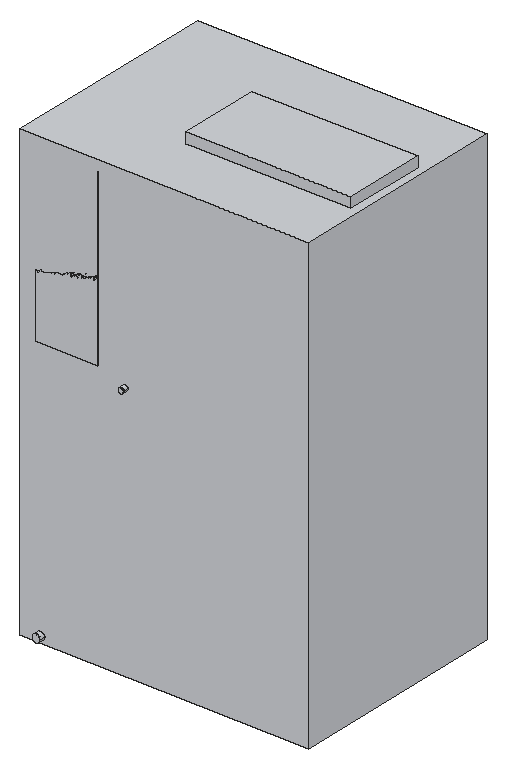
Revit family "HVAC_SPVU_AlliedAir_MHP4", category Mechanical Equipment, Revit 2018
Family settings
  Round Connector Dimension = Use Diameter
  Part Type = Normal
  OmniClass Number = 23.75.00.00
  OmniClass Title = Climate Control (HVAC)
  Work Plane-Based = Yes
  Always vertical = Yes
  Cut with Voids When Loaded = No
  Shared = No
  Room Calculation Point = No
Parameters
  exhaustrad = Exhaust Air Diameter / 2  # 0' - 1 1/4"
  drainrad = Outdoor Condensate Connection Diameter / 2  # 0' - 0 3/8"
  Warranty Duration (Years) = 0
  Voltage Range = "as Specified"
  Unit Width = 2' - 4"
  Unit Weight = 0
  Unit Height = 3' - 7 7/8"
  Unit Depth = 1' - 9 1/2"
  URL = "http://www.magic-pak.com/"
  Supply Duct Size_W = 16"
  Supply Duct Size_H = 8"
  Standards Conformance = "as Specified"
  Specification = "http://www.arcat.com/sdspecs/htm/15700aae.htm"
  SpecWizard = ""
  Sound Pressure = "as Specified"
  Send Message = "http://www.arcat.com/users.pl?action=UserEmail&amp;company=Magic-Pak&amp;coid=46691&amp;rep=141&amp;fax=&amp;mf=95"
  Sales Information = "http://www.magic-pak.com/contact.php"
  Revision = "R2_2015-02"
  Refrigerant Used = "R410A"
  Product Properties = ""
  Product Data = "http://www.arcat.com/arcatcos/cos9546/arc46691.html"
  Platform Height [instance] = 0' - 4"
  Model = "as Specified"
  Manufacturer Website = "http://www.magic-pak.com/"
  Manufacturer Phone - Toll Free = "800-448-5872"
  Manufacturer Phone = ""
  Manufacturer Fax = ""
  Manufacturer Address = "215 Metropolitan Dr.  West Columbia, SC 29170"
  Manufacturer = "Magic-Pak"
  Maintenance Schedule (Months) = 0
  Keynote = "15700"
  Installation-Fabrication = ""
  Installation Phase = ""
  Indoor Drain CL Elevation = C  # 2' - 1"
  Indoor Condensate Connection Diameter = 0' - 0 1/2"
  HVAC_Cooling Capacity = 0.0 Btu/h
  HVAC_BTU Input = 0.0 Btu/h
  Green Building-LEED = ""
  Fuel Consumption = "as Specified"
  Expected Lifespan (Years) = 0
  Exhaust Air Height Location = 2' - 1.59696"
  Exhaust Air Diameter = 0' - 2 1/2"
  Electrical_Voltage = 230 V
  Electrical_Phase = 1
  Electrical_Frequency = 60 Hz
  Electrical_Amperage = 0 A
  Efficiency Ratings = "as Specified"
  E = 1' - 6 7/8"
  Return Duct Size_W = 6"
  Return Duct Size_H = 16 7/8"
  Drawn By = "Sumex Design, Inc. / Robert S. Weygant, CSI, CDT, SCIP"
  Description = "Magic-Pak Ducted Heating and Cooling Unit as Specified"
  Default Elevation = 0' - 0"
  Copyright = "©Arcat Inc."
  Construction Details = ""
  Outdoor Condensate Connection Diameter = 0' - 0 3/4"
  C = 2' - 1"
  Assembly Code = "D3050100"
  Air Flow = 0 CFM
Reference planes (in)
  plane 1 "Center (Front/Back)": y = 0
  plane 2 "Bottom": z = 0
  plane 3 "Center (Left/Right)": x = 0
  plane 4 "Front": y = -10.75
  plane 5 "Back": y = 10.75
  plane 6 "Left": x = -14
  plane 7 "Right": x = 14
  plane 8 "Top": z = 47.875
  plane 9: z = 28.875
  plane 10: z = 22.875
  plane 11: z = 4
Forms (in)
  Extrusion 1, solid
    sketch origin (0, 0, 0) x (1, 0, 0) y (0, 0, 1)
      loop
        line (-14, 22.875) -> (-14, 4) -> (14, 4) -> (14, 22.875) -> (-14, 22.875)
    from -10.75 to 10.75
  Extrusion 2, solid
    sketch origin (0, 0, 0) x (1, 0, 0) y (0, 1, 0)
      loop
        line (-14, 10.75) -> (-14, -10.75) -> (14, -10.75) -> (14, 10.75) -> (13, 10.75) -> (13, 6.25) -> (-13, 6.25) -> (-13, 10.75) -> (-14, 10.75)
    from 22.875 to 28.875
  Extrusion 3, solid
    sketch origin (0, 0, 0) x (1, 0, 0) y (0, 0, 1)
      loop
        line (-14, 47.875) -> (-14, 28.875) -> (14, 28.875) -> (14, 47.875) -> (-14, 47.875)
    from -10.75 to 10.75
  Extrusion 4, solid
    sketch origin (-11.94222, -10.75, 48) x (1, 0, 0) y (0, 0, 1)
      loop
        line (-0.55778, -1.125) -> (-0.55778, -18) -> (5.44222, -18) -> (5.44222, -1.125) -> (-0.55778, -1.125)
    from 0 to -4.5
  Extrusion 5, solid
    sketch origin (-43.59721, -180, 47.875) x (-1, 0, 0) y (0, -1, 0)
      loop
        line (-56.78471, -175.375) -> (-56.78471, -183.375) -> (-40.78471, -183.375) -> (-40.78471, -175.375) -> (-56.78471, -175.375)
    from 0 to 1
  Extrusion 6, solid
    sketch origin (-11.94222, -10.75, 48) x (-1, 0, 0) y (0, 0, 1)
      loop
        circle (-8.12972, -19) r 0.25
      loop
        circle (0.05778, -43.375) r 0.375
    from 0 to -0.5
Cuts and joins
  joined: Extrusion 1, Extrusion 2, Extrusion 3
Dimensions and locks (in)
  equal spacing: plane 6 "Left", plane 3 "Center (Left/Right)", plane 7 "Right"
  "Unit Width": plane 6 "Left" to plane 7 "Right"
  equal spacing: plane 5 "Back", plane 1 "Center (Front/Back)", plane 4 "Front"
  "Unit Depth": plane 5 "Back" to plane 4 "Front"
  locked: plane 9 to plane 10 at 6
  "Platform Height": plane 11 to level
  "Unit Height": plane 8 "Top" to plane 11
  "E": plane 10 to plane 11
  locked: plane 5 "Back" to Extrusion 2 sketch curve at 4.5
  locked: plane 8 "Top" to Extrusion 4 sketch curve at 1
  Extrusion 4 sketch curve to Extrusion 4 sketch curve to plane 6 "Left" = 0' - 6" locked, 0' - 1 1/2" locked
  "Return Duct Size_H": Extrusion 4 sketch curve to Extrusion 4 sketch curve
  locked: Extrusion 5 sketch curve to plane 7 "Right" at 0.8125
  Extrusion 5 sketch curve to Extrusion 5 sketch curve to plane 4 "Front" = 0' - 8" locked, 0' - 6 1/8" locked
  "Outdoor Condensate Connection Diameter": Extrusion 6 sketch curve to Extrusion 6 sketch curve
  "Indoor Condensate Connection Diameter": Extrusion 6 sketch curve to Extrusion 6 sketch curve
  locked: Extrusion 6 sketch curve to plane 11 at 0.625
  locked: Extrusion 6 sketch curve to plane 6 "Left" at 2
  "Indoor Drain CL Elevation": Extrusion 6 sketch curve to plane 11
  locked: Extrusion 6 sketch curve to plane 6 "Left" at 10.1875
  aligned and locked: Extrusion 1 sketch curve to plane 10
  aligned and locked: plane 6 "Left" to Extrusion 1 sketch curve
  aligned and locked: plane 11 to Extrusion 1 sketch curve
  aligned and locked: Extrusion 1 sketch curve to plane 7 "Right"
  aligned and locked: plane 5 "Back" to Extrusion 2 sketch curve
  aligned and locked: Extrusion 2 sketch curve to plane 5 "Back"
  aligned and locked: Extrusion 2 sketch curve to plane 4 "Front"
  aligned and locked: plane 5 "Back" to Extrusion 1
  aligned and locked: Extrusion 1 to plane 4 "Front"
  aligned and locked: plane 9 to Extrusion 3 sketch curve
  aligned and locked: Extrusion 3 sketch curve to plane 8 "Top"
  aligned and locked: plane 9 to Extrusion 2
  aligned and locked: Extrusion 2 to plane 10
  aligned and locked: plane 5 "Back" to Extrusion 3
  aligned and locked: Extrusion 3 to plane 4 "Front"
Automatic sketch dimensions
  Extrusion 2 sketch curve to plane 6 "Left" = 0' - 0"
  Extrusion 2 sketch curve to plane 7 "Right" = 0' - 0"
  Extrusion 2 sketch curve to Extrusion 2 sketch curve = 0' - 1"
  Extrusion 2 sketch curve to plane 7 "Right" = 0' - 1"
  Extrusion 3 sketch curve to plane 6 "Left" = 0' - 0"
  Extrusion 3 sketch curve to plane 7 "Right" = 0' - 0"
  Extrusion 5 sketch curve to plane 3 "Center (Left/Right)" = 0' - 2 13/16"
Connectors (in)
  hvac at (-9.5, -10.75, 38.4375), driven by "Return Duct Size_H", driven by "Return Duct Size_W"
    settings: on Extrusion 4, index 1, duct flow 0 CFM, flow factor 0, pres drop 0.00 in-wg, loss coef 0, conn angle 0.00°, conn width 6", conn height 16 7/8", conn diameter 24", duct sys type 2, conn prof type 1, flow config 0, flow direction 1, loss method 0, conn ref index -1, conn util no, is conn primary no, conn desc ""
  hvac at (5.1875, -0.625, 48.875), driven by "Supply Duct Size_H", driven by "Supply Duct Size_W"
    settings: on Extrusion 5, index 2, duct flow 0 CFM, flow factor 0, pres drop 0.00 in-wg, loss coef 0, conn angle 0.00°, conn width 16", conn height 8", conn diameter 24", duct sys type 1, conn prof type 1, flow config 0, flow direction 2, loss method 0, conn ref index -1, conn util no, is conn primary yes, conn desc ""
  electrical at (0, 0, 47.875), driven by "Electrical_Voltage"
    settings: on cut or joined group of Extrusion 1, Extrusion 2, Extrusion 3, index 3, voltage 230 V, apparent load 0 VA, apparent load phase1 0 VA, apparent load phase2 0 VA, apparent load phase3 0 VA, power factor 1, load classification "Other", number of poles 1, system type 31, power factor state 1, is connector primary yes, connector utility no, sub classification motor no, connector description ""
  piping at (-3.8125, -11.25, 29), diameter 0.5
    settings: on Extrusion 6, index 4, connector inside diameter 1/2", connector length 0' - 0", flow factor 0, pipe flow 0 GPM, pressure drop 0.00 psi, fitting loss kfactor 0, connector angle 0.00°, fixture units 0, engagement length 0' - 0", angle of deflection 0.00°, flow configuration 0, flow direction 2, fitting loss method 0, system type 16, joint type 0, gender type 0, connector reference index -1, connector utility 0, adjustable connector no, is connector primary yes, connector description "Indoor Coil Drain"
  piping at (-12, -11.25, 4.625), diameter 0.75
    settings: on Extrusion 6, index 5, connector inside diameter 3/4", connector length 0' - 0", flow factor 0, pipe flow 0 GPM, pressure drop 0.00 psi, fitting loss kfactor 0, connector angle 0.00°, fixture units 0, engagement length 0' - 0", angle of deflection 0.00°, flow configuration 0, flow direction 2, fitting loss method 0, system type 16, joint type 0, gender type 0, connector reference index -1, connector utility 0, adjustable connector no, is connector primary no, connector description "Outdoor Coil Drain"
